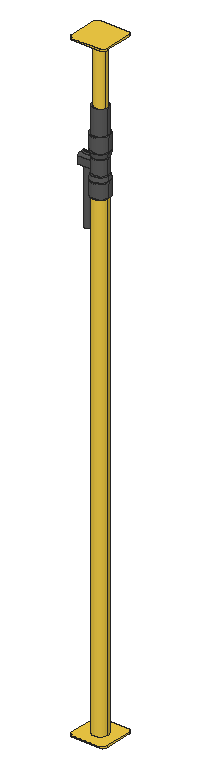
Revit family "EHL_NORMAL PROP 2,1-3,5_2150500", category Generic Models, Revit 2018
Family settings
  Can host rebar = No
  Round Connector Dimension = Use Diameter
  Part Type = Normal
  OmniClass Number = 35.51.14.00
  OmniClass Title = FORMWORK
  Work Plane-Based = Yes
  Always vertical = No
  Cut with Voids When Loaded = No
  Shared = Yes
  Room Calculation Point = No
Parameters (values of type "EHL_NORMAL PROP 2,1-3,5_2150500")
  VERSION = "20190101"  # constant formula
  URL = "www.ulmaconstruction.com/en"
  UNICLASS = ""
  Manufacturer = "ULMA CONSTRUCTION"  # constant formula
  MIN LENGTH = 2100.000 mm
  MAX LENGTH = 3500.000 mm
  ITEM_HEIGHT [instance] = if(HEIGHT < MIN LENGTH, MIN LENGTH, if(HEIGHT < MAX LENGTH, HEIGHT, MAX LENGTH))  # 2100.000 mm
  ITEM_CODE = "2150500"
  HEIGHT [instance] = 2100.000 mm
  FILTER [instance] = ""
  Default Elevation = 0.000 mm
  CLASSIFICATION_TITLE = ""
  CLASSIFICATION_NUMBER = ""
Reference planes
  plane 1 "Centro (Frontal/Posterior)": y = 0
  plane 2: z = 0
  plane 3 "Centro (Izquierda/Derecha)": x = 0
  plane 4 "ITEM_HEIGHT": z = 2100
  plane 5 "HEIGHT": z = 2100
  plane 6 "INSIDE TUBE": z = 202
  plane 7 "EXTERIOR TUBE": z = 1620
Forms (mm)
  Extrusion 1, solid, material "ULMA YELLOW"
    sketch origin (0, 0, 0) x (1, 0, 0) y (0, 1, 0)
      loop
        arc (-46, 60) -> (-55.899, 55.899) -> (-60, 46) r 14
        line (-60, 46) -> (-60, -46)
        arc (-60, -46) -> (-55.899, -55.899) -> (-46, -60) r 14
        line (-46, -60) -> (46, -60)
        arc (46, -60) -> (55.899, -55.899) -> (60, -46) r 14
        line (60, -46) -> (60, 46)
        arc (60, 46) -> (55.899, 55.899) -> (46, 60) r 14
        line (46, 60) -> (-46, 60)
    from 0 to 4
  Extrusion 2, solid, material "ULMA YELLOW"
    sketch origin (0, 0, 4) x (1, 0, 0) y (0, 1, 0)
      loop
        circle (0, 0) r 24
    from 0 to 1616
  Extrusion 3, solid, material "ULMA YELLOW"
    sketch origin (0, 0, 2100) x (-1, 0, 0) y (0, -1, 0)
      loop
        arc (46, -60) -> (55.899, -55.899) -> (60, -46) r 14
        line (60, -46) -> (60, 46)
        arc (60, 46) -> (55.899, 55.899) -> (46, 60) r 14
        line (46, 60) -> (-46, 60)
        arc (-46, 60) -> (-55.899, 55.899) -> (-60, 46) r 14
        line (-60, 46) -> (-60, -46)
        arc (-60, -46) -> (-55.899, -55.899) -> (-46, -60) r 14
        line (-46, -60) -> (46, -60)
    from 0 to -4
  Extrusion 4, solid, material "ULMA YELLOW"
    sketch origin (-860.375, -1524, 2100) x (-1, 0, 0) y (0, -1, 0)
      loop
        circle (-860.375, -1524) r 20
    from -4 to -1898
  Revolve 5, solid, material "ULMA BLACK", detail levels fine
    sketch origin (0, 0, 0) x (1, 0, 0) y (0, 0, 1)
      loop
        line (0, 1620) -> (0, 1808) -> (-28.58, 1808) -> (-30, 1806.58) -> (-30, 1759.832)
        arc (-30, 1759.832) -> (-29.906, 1758.051) -> (-29.627, 1756.29) r 17
        line (-29.627, 1756.29) -> (-26.523, 1741.721)
        arc (-26.523, 1741.721) -> (-26.244, 1739.959) -> (-26.15, 1738.178) r 17
        line (-26.15, 1738.178) -> (-26.15, 1689.736)
        arc (-26.15, 1689.736) -> (-26.241, 1687.979) -> (-26.514, 1686.24) r 17
        line (-26.514, 1686.24) -> (-29.57, 1671.696)
        arc (-29.57, 1671.696) -> (-29.843, 1669.957) -> (-29.934, 1668.199) r 17
        line (-29.934, 1668.199) -> (-29.934, 1621.316) -> (-28.618, 1620) -> (0, 1620)
      axis (0, 1808) -> (0, 1620)
    angle from 0 to 360
  Extrusion 6, solid, material "ULMA BLACK", detail levels fine
    sketch origin (0, 0, 0) x (0, 1, 0) y (0, 0, 1)
      loop
        line (-6.5, 1727) -> (6.5, 1727)
        arc (6.5, 1727) -> (10.036, 1725.536) -> (11.5, 1722) r 5
        line (11.5, 1722) -> (11.5, 1698) -> (15.5, 1698) -> (15.5, 1722)
        arc (15.5, 1722) -> (12.864, 1728.364) -> (6.5, 1731) r 9
        line (6.5, 1731) -> (-6.5, 1731)
        arc (-6.5, 1731) -> (-12.864, 1728.364) -> (-15.5, 1722) r 9
        line (-15.5, 1722) -> (-15.5, 1698) -> (-11.5, 1698) -> (-11.5, 1722)
        arc (-11.5, 1722) -> (-10.036, 1725.536) -> (-6.5, 1727) r 5
    from -62.3 to 0
  Extrusion 7, solid, material "ULMA BLACK", detail levels fine
    sketch origin (-442.814, -1524, 1620) x (-1, 0, 0) y (0, -1, 0)
      loop
        circle (-400.514, -1524) r 10
    from -110 to 100
  Extrusion 8, solid, material "ULMA BLACK", detail levels fine
    sketch origin (-442.814, -1524, 1620) x (-1, 0, 0) y (0, -1, 0)
      loop
        circle (-442.814, -1524) r 25
    from 188 to 270
Lines and regions (mm)
  model lines, style "ULMA PROP", detail levels fine
    curve 1: circle (-40, 40, 4) r 7.25 normal (0, 0, 1)
    curve 2: circle (0, 46.5, 4) r 3 normal (0, 0, 1)
    curve 3: circle (40, 40, 4) r 7.25 normal (0, 0, 1)
    curve 4: circle (46.5, 0, 4) r 3 normal (0, 0, 1)
    curve 5: circle (40, -40, 4) r 7.25 normal (0, 0, 1)
    curve 6: circle (0, -46.5, 4) r 3 normal (0, 0, 1)
    curve 7: circle (-40, -40, 4) r 7.25 normal (0, 0, 1)
    curve 8: circle (-46.5, 0, 4) r 3 normal (0, 0, 1)
    curve 9: circle (0, 0, 0) r 21 normal (0, 0, 1)
    curve 10: circle (-40, 40, 0) r 7.25 normal (0, 0, 1)
    curve 11: circle (0, 46.5, 0) r 3 normal (0, 0, 1)
    curve 12: circle (40, 40, 0) r 7.25 normal (0, 0, 1)
    curve 13: circle (46.5, 0, 0) r 3 normal (0, 0, 1)
    curve 14: circle (40, -40, 0) r 7.25 normal (0, 0, 1)
    curve 15: circle (0, -46.5, 0) r 3 normal (0, 0, 1)
    curve 16: circle (-40, -40, 0) r 7.25 normal (0, 0, 1)
    curve 17: circle (-46.5, 0, 0) r 3 normal (0, 0, 1)
    curve 18: circle (-40, 40, 2100) r 7.25 normal (0, 0, 1)
    curve 19: circle (40, 40, 2100) r 7.25 normal (0, 0, 1)
    curve 20: circle (40, -40, 2100) r 7.25 normal (0, 0, 1)
    curve 21: circle (-40, -40, 2100) r 7.25 normal (0, 0, 1)
    curve 22: circle (-40, 40, 2096) r 7.25 normal (0, 0, 1)
    curve 23: circle (40, 40, 2096) r 7.25 normal (0, 0, 1)
    curve 24: circle (40, -40, 2096) r 7.25 normal (0, 0, 1)
    curve 25: circle (-40, -40, 2096) r 7.25 normal (0, 0, 1)
    curve 26: circle (0, 0, 2100) r 21 normal (0, 0, 1)
    curve 27: circle (0, 46.5, 2100) r 3 normal (0, 0, 1)
    curve 28: circle (46.5, 0, 2100) r 3 normal (0, 0, 1)
    curve 29: circle (0, -46.5, 2100) r 3 normal (0, 0, 1)
    curve 30: circle (-46.5, 0, 2100) r 3 normal (0, 0, 1)
    curve 31: circle (0, 46.5, 2096) r 3 normal (0, 0, 1)
    curve 32: circle (46.5, 0, 2096) r 3 normal (0, 0, 1)
    curve 33: circle (0, -46.5, 2096) r 3 normal (0, 0, 1)
    curve 34: circle (-46.5, 0, 2096) r 3 normal (0, 0, 1)
Dimensions and locks
  Extrusion 1 sketch curve to plane 3 "Centro (Izquierda/Derecha)" = 60.000 mm
  Extrusion 1 sketch curve to Extrusion 1 sketch curve = 120.000 mm  (x2)
  plane 1 "Centro (Frontal/Posterior)" to Extrusion 1 sketch curve = 60.000 mm
  "ITEM_HEIGHT": plane 4 "ITEM_HEIGHT" to plane 2
  "HEIGHT": plane 5 "HEIGHT" to plane 2
  Extrusion 3 sketch curve to Extrusion 3 sketch curve = 120.000 mm  (x2)
  locked: plane 4 "ITEM_HEIGHT" to plane 6 "INSIDE TUBE" at 1898
  locked: plane 7 "EXTERIOR TUBE" to plane 2 at 1620
  locked: Extrusion 6 sketch curve to plane 7 "EXTERIOR TUBE" at 78
  locked: plane 7 "EXTERIOR TUBE" to Extrusion 6 sketch curve at 78
  locked: plane 7 "EXTERIOR TUBE" to Extrusion 6 sketch curve at 107
  locked: plane 7 "EXTERIOR TUBE" to Extrusion 6 sketch curve at 111
  diameter of Extrusion 2 sketch curve = 48.000 mm
  diameter of Extrusion 4 sketch curve = 40.000 mm
  aligned and locked: level to plane 2
  aligned and locked: Extrusion 4 to plane 6 "INSIDE TUBE"
  aligned and locked: plane 7 "EXTERIOR TUBE" to Extrusion 2
  aligned and locked: Revolve 5 to plane 7 "EXTERIOR TUBE"
Automatic sketch dimensions
  curve 19 to Extrusion 3 = 20.000 mm  (x2)
  curve 20 to Extrusion 3 = 20.000 mm  (x2)
  curve 18 to Extrusion 3 = 20.000 mm  (x2)
  curve 21 to Extrusion 3 = 20.000 mm  (x2)
  Extrusion 3 to curve 23 = 20.000 mm  (x2)
  Extrusion 3 to curve 24 = 20.000 mm  (x2)
  Extrusion 3 to curve 25 = 20.000 mm  (x2)
  Extrusion 3 to curve 22 = 20.000 mm  (x2)
  Extrusion 1 sketch curve to Extrusion 1 sketch curve = 14.000 mm  (x4)
  Extrusion 1 to curve 17 = 13.500 mm
  Extrusion 1 to curve 16 = 20.000 mm  (x2)
  Extrusion 1 to curve 10 = 20.000 mm  (x2)
  Extrusion 1 to curve 11 = 13.500 mm
  curve 10 to curve 11 = 40.000 mm
  curve 9 to curve 11 = 0.000 mm
  Extrusion 1 to curve 15 = 13.500 mm
  curve 16 to curve 15 = 40.000 mm
  Extrusion 1 to curve 12 = 20.000 mm  (x2)
  Extrusion 1 to curve 14 = 20.000 mm  (x2)
  Extrusion 1 to curve 13 = 13.500 mm
  curve 9 to curve 11 = 46.500 mm
  curve 14 to curve 13 = 40.000 mm
  curve 16 to curve 17 = 40.000 mm
  curve 19 to curve 26 = 40.000 mm  (x2)
  curve 28 to Extrusion 3 = 13.500 mm
  curve 29 to Extrusion 3 = 13.500 mm
  curve 29 to curve 21 = 40.000 mm
  curve 27 to Extrusion 3 = 13.500 mm
  curve 27 to curve 18 = 40.000 mm
  curve 30 to Extrusion 3 = 13.500 mm
  curve 19 to curve 28 = 40.000 mm
  curve 18 to curve 30 = 40.000 mm
  Extrusion 3 to curve 32 = 13.500 mm
  Extrusion 3 to curve 31 = 13.500 mm
  curve 31 to curve 22 = 40.000 mm
  Extrusion 3 to curve 33 = 13.500 mm
  curve 33 to curve 25 = 40.000 mm
  Extrusion 3 to curve 34 = 13.500 mm
  curve 23 to curve 32 = 40.000 mm
  curve 22 to curve 34 = 40.000 mm
  plane 3 "Centro (Izquierda/Derecha)" to Extrusion 3 sketch curve = 60.000 mm
  Extrusion 3 sketch curve to Extrusion 3 sketch curve = 14.000 mm  (x4)
  Revolve 5 sketch curve to plane 7 "EXTERIOR TUBE" = 0.000 mm
  Revolve 5 sketch curve to plane 3 "Centro (Izquierda/Derecha)" = 0.000 mm
  Revolve 5 sketch curve to plane 3 "Centro (Izquierda/Derecha)" = 12.934 mm
  Revolve 5 sketch curve to plane 3 "Centro (Izquierda/Derecha)" = 13.000 mm
  Revolve 5 sketch curve to Revolve 5 sketch curve = 13.150 mm
  Revolve 5 sketch curve to Revolve 5 sketch curve = 0.364 mm
  Revolve 5 sketch curve to Revolve 5 sketch curve = 0.373 mm
  Revolve 5 sketch curve to plane 3 "Centro (Izquierda/Derecha)" = 28.580 mm
  Revolve 5 sketch curve to Revolve 5 sketch curve = 28.618 mm
  Revolve 5 sketch curve to Revolve 5 sketch curve = 3.057 mm
  Revolve 5 sketch curve to Revolve 5 sketch curve = 3.104 mm
  plane 7 "EXTERIOR TUBE" to Revolve 5 sketch curve = 1.316 mm
  Revolve 5 sketch curve to Revolve 5 sketch curve = 1.316 mm
  Revolve 5 sketch curve to Revolve 5 sketch curve = 1.420 mm  (x2)
  Revolve 5 sketch curve to Revolve 5 sketch curve = 16.627 mm
  Revolve 5 sketch curve to Revolve 5 sketch curve = 17.000 mm
  plane 7 "EXTERIOR TUBE" to Revolve 5 sketch curve = 48.199 mm
  Revolve 5 sketch curve to Revolve 5 sketch curve = 14.543 mm
  Revolve 5 sketch curve to Revolve 5 sketch curve = 48.442 mm
  Revolve 5 sketch curve to Revolve 5 sketch curve = 14.570 mm
  Revolve 5 sketch curve to Revolve 5 sketch curve = 46.748 mm
  Extrusion 6 sketch curve to Extrusion 6 sketch curve = 0.000 mm  (x4)
  plane 1 "Centro (Frontal/Posterior)" to Extrusion 6 sketch curve = 15.500 mm
  plane 1 "Centro (Frontal/Posterior)" to Extrusion 6 sketch curve = 6.500 mm
  Extrusion 6 sketch curve to plane 1 "Centro (Frontal/Posterior)" = 6.500 mm
  Extrusion 6 sketch curve to Extrusion 6 sketch curve = 5.000 mm
  curve 8 to Extrusion 1 = 13.500 mm
  curve 7 to Extrusion 1 = 20.000 mm  (x2)
  curve 1 to Extrusion 1 = 20.000 mm  (x2)
  curve 2 to Extrusion 1 = 13.500 mm
  curve 1 to curve 2 = 40.000 mm
  curve 6 to Extrusion 1 = 13.500 mm
  curve 7 to curve 6 = 40.000 mm
  curve 3 to Extrusion 1 = 20.000 mm  (x2)
  curve 5 to Extrusion 1 = 20.000 mm  (x2)
  curve 4 to Extrusion 1 = 13.500 mm
  curve 5 to curve 4 = 40.000 mm
  curve 7 to curve 8 = 40.000 mm
  plane 1 "Centro (Frontal/Posterior)" to Extrusion 7 sketch curve = 0.000 mm
  Extrusion 7 sketch curve to plane 3 "Centro (Izquierda/Derecha)" = 42.300 mm
  plane 1 "Centro (Frontal/Posterior)" to Extrusion 8 sketch curve = 0.000 mm
  Extrusion 8 sketch curve to plane 3 "Centro (Izquierda/Derecha)" = 0.000 mm
  plane 1 "Centro (Frontal/Posterior)" to Extrusion 4 sketch curve = 0.000 mm
  Extrusion 4 sketch curve to plane 3 "Centro (Izquierda/Derecha)" = 0.000 mm
  Extrusion 2 sketch curve to Extrusion 1 = 60.000 mm  (x2)
  Extrusion 3 sketch curve to plane 1 "Centro (Frontal/Posterior)" = 60.000 mm
  radius of curve 18 = 7.250 mm
  radius of curve 19 = 7.250 mm
  radius of curve 20 = 7.250 mm
  radius of curve 21 = 7.250 mm
  radius of curve 26 = 21.000 mm
  radius of curve 22 = 7.250 mm
  radius of curve 23 = 7.250 mm
  radius of curve 24 = 7.250 mm
  radius of curve 25 = 7.250 mm
  radius of curve 9 = 21.000 mm
  radius of curve 10 = 7.250 mm
  radius of curve 11 = 3.000 mm
  radius of curve 12 = 7.250 mm
  radius of curve 13 = 3.000 mm
  radius of curve 14 = 7.250 mm
  radius of curve 15 = 3.000 mm
  radius of curve 16 = 7.250 mm
  radius of curve 17 = 3.000 mm
  radius of curve 27 = 3.000 mm
  radius of curve 28 = 3.000 mm
  radius of curve 29 = 3.000 mm
  radius of curve 30 = 3.000 mm
  radius of curve 31 = 3.000 mm
  radius of curve 32 = 3.000 mm
  radius of curve 33 = 3.000 mm
  radius of curve 34 = 3.000 mm
  radius of curve 1 = 7.250 mm
  radius of curve 2 = 3.000 mm
  radius of curve 3 = 7.250 mm
  radius of curve 4 = 3.000 mm
  radius of curve 5 = 7.250 mm
  radius of curve 6 = 3.000 mm
  radius of curve 7 = 7.250 mm
  radius of curve 8 = 3.000 mm
  radius of Extrusion 7 sketch curve = 10.000 mm
  radius of Extrusion 8 sketch curve = 25.000 mm
